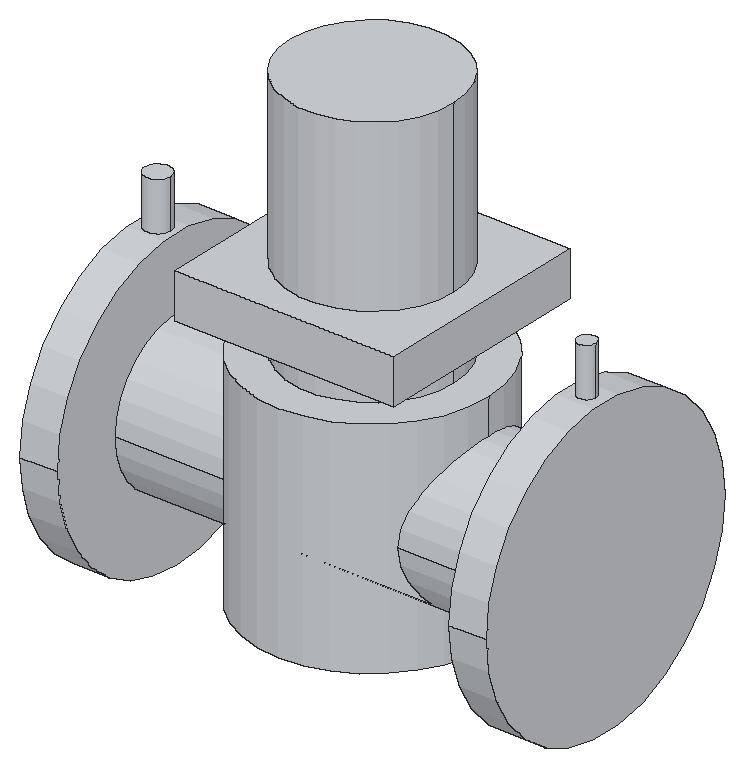
Revit family "PV_Compact_PN25_DN065_(50-200kPa)_RFA_2019", category Pipe Accessories, Revit 2019
Family settings
  Round Connector Dimension = Use Diameter
  Part Type = Valve - Breaks Into
  Work Plane-Based = No
  Always vertical = Yes
  Cut with Voids When Loaded = No
  Shared = No
Parameters (values of type "PV Compact PN25 DN065 (50-200kPa)")
  magiProductId = "3326a2f4bd724a059fd12b24a48407"
  magiProductFamilyId = "1af2f5f7761a4c5f850eea414834fa"
  magiPartTypeId = 304
  isMeasuringValve [instance] = no
  ang2D [instance] = 0.00°
  W2D = 50 mm
  VersionID = "2.0/2018.12.13.2/FRESE_PV_COMPACT_BIG_Q13_001"
  Use Minimum Symbol Size [instance] = no
  URL = "www.hydronic.cz"
  Type Comments = "PŘÍRUBOVÝ; PN25; dpmax=1000kPa; -10~+120°C"
  R4 = 50.75 mm
  R3 = 48.1 mm
  R1 = 72.5 mm
  QmdConnectorList = "301;D;302;D"
  Productdata [instance] = ""
  Manufacturer = "Hydronic Systems Prague s.r.o."
  Maintenance Zone Under Depth [instance] = 100 mm
  Maintenance Zone Right Depth [instance] = 100 mm
  Maintenance Zone Over Depth [instance] = 100 mm
  Maintenance Zone Left Depth [instance] = 100 mm
  Maintenance Zone Front Depth [instance] = 100 mm
  Maintenance Zone Back Depth [instance] = 100 mm
  Maintenance Zone Front Visibility [instance] = no
  MC Use Limits From Balancing Method = no
  MC Throttling Minimum Value = 0
  MC Throttling Maximum Value = 0
  MC Product Code = "53-3324 DN065 PN25; nastavitelný rozsah dp=20~100kPa; Q=7,4~29,7 m3/h;  kvs=42"
  MC Pressure Drop Minimum Value = 0.0 Pa
  MC Pressure Drop Maximum Value = 0.0 Pa
  MC Piping Given Pressure Drop [instance] = 0.0 Pa
  LF__ve = -LF  # -23.2 mm
  LF2 = 11.6 mm
  LF = 23.2 mm
  L4 = 136.3 mm
  L3 = 243.6 mm
  L2D_Min = 30.48 mm
  L2D = 230 mm
  L2 = 145 mm
  H6 = 105.25 mm
  H4 = 27.75 mm
  H3 = 23.125 mm
  H2 = 69.375 mm
  H1 = 138.75 mm
  Description = "Nastavitelný regulátor tlakové diference"
  DF2 = 92.5 mm
  D = 65 mm
  Clearance Zone Height Depth [instance] = 100 mm
  Clearance Zone Circular Radius [instance] = 145 mm
  Clearance Zone Visibility [instance] = no
  CAT0 = yes
Types (4, lengths in mm): name | magiProductId | R4 | R3 | R1 | MC Product Code | LF__ve | LF2 | LF | L4 | L3 | L2 | H6 | H4 | H3 | H2 | H1 | DF2 | D | Clearance Zone Circular Radius
  PV Compact PN25 DN050 (50-200kPa) | "08a421d9482846e584fc1251b4b528" | 40.25 | 42.9 | 57.5 | "53-3321 DN050 PN25; nastavitelný rozsah dp=20~100kPa; Q=5,1~20,5 m3/h;  kvs=29" | -18.4 | 9.2 | 18.4 | 108.1 | 193.2 | 115 | 82.25 | 24.75 | 20.625 | 61.875 | 123.75 | 82.5 | 50 | 115
  PV Compact PN25 DN065 (50-200kPa) | "3326a2f4bd724a059fd12b24a48407" | 50.75 | 48.1 | 72.5 | "53-3324 DN065 PN25; nastavitelný rozsah dp=20~100kPa; Q=7,4~29,7 m3/h;  kvs=42" | -23.2 | 11.6 | 23.2 | 136.3 | 243.6 | 145 | 105.25 | 27.75 | 23.125 | 69.375 | 138.75 | 92.5 | 65 | 145
  PV Compact PN25 DN080 (50-200kPa) | "aa373f4712fe4f789034ae13a1f456" | 54.25 | 52 | 77.5 | "53-3327 DN080 PN25; nastavitelný rozsah dp=20~100kPa; Q=11,7~47,4 m3/h;  kvs=67" | -24.8 | 12.4 | 24.8 | 145.7 | 260.4 | 155 | 141 | 30 | 25 | 75 | 150 | 100 | 80 | 155
  PV Compact PN25 DN100 (50-200kPa) | "7d735ad2cc7a4544b6e207f0b5dfca" | 61.25 | 61.1 | 87.5 | "53-3330 DN100 PN25; nastavitelný rozsah dp=20~100kPa; Q=20,3~81,3 m3/h;  kvs=115" | -28 | 14 | 28 | 164.5 | 294 | 175 | 234.75 | 35.25 | 29.375 | 88.125 | 176.25 | 117.5 | 100 | 175
Reference planes
  plane 1 "Center (Front/Back)": y = 0
  plane 2 "XYPLANE": z = 0
  plane 3 "Center (Left/Right)": x = 0
  plane 4 "257": y = -92.5
  plane 5 "256": y = 92.5
  plane 6 "255": z = -92.5
  plane 7 "254": y = -192.5
  plane 8 "253": y = 192.5
  plane 9 "252": x = -245
  plane 10 "251": x = 245
  plane 11 "250": z = 325.5
  plane 12 "249": z = -192.5
  plane 13 "248": z = 325.5
  plane 14 "247": z = 225.5
  plane 15 "157": x = 133.4
  plane 16 "156": x = -133.4
  plane 17 "155": z = 92.5
  plane 18 "154": z = 120.25
  plane 19 "153": z = 92.5
  plane 20 "152": z = 69.375
  plane 21 "151": x = -121.8
  plane 22 "150": z = -69.375
  plane 23 "149": x = 0
  plane 24 "148": y = 0
  plane 25 "147": z = 0
  plane 26 "146": x = -145
  plane 27 "145": x = 145
Forms (mm)
  Blend 1, solid, visible <- "Maintenance Zone Front Visibility"
    base sketch origin (-750, 0, -192.5) x (1, 0, 0) y (0, 1, 0)
      loop
        line (505, 192.5) -> (505, -192.5) -> (995, -192.5) -> (995, 192.5) -> (505, 192.5)
    top sketch origin (-750, 0, -192.5) x (1, 0, 0) y (0, 1, 0)
      loop
        line (505, 192.5) -> (505, -192.5) -> (995, -192.5) -> (995, 192.5) -> (505, 192.5)
    from 0 to 518
  Blend 2, solid, visible <- "Clearance Zone Visibility"
    base sketch origin (-750, 0, 0) x (1, 0, 0) y (0, 1, 0)
      loop
        circle (750, 0) r 145
    top sketch origin (-750, 0, 0) x (1, 0, 0) y (0, 1, 0)
      loop
        circle (750, 0) r 145
    from 0 to 325.5
  Extrusion 3, solid, visible <- "CAT0"
    sketch origin (-750, 0, 92.5) x (1, 0, 0) y (0, 1, 0)
      loop
        circle (883.4, 0) r 5.5
    from 0 to 30
  Extrusion 4, solid, visible <- "CAT0"
    sketch origin (-750, 0, 92.5) x (1, 0, 0) y (0, 1, 0)
      loop
        circle (616.6, 0) r 7.9
    from 0 to 30
  Extrusion 5, solid
    sketch origin (-750, 0, 120.25) x (1, 0, 0) y (0, 1, 0)
      loop
        circle (750, 0) r 50.75
    from 0 to 105.25 <- "H6"
  Extrusion 6, solid, visible <- "CAT0"
    sketch origin (-750, 0, 92.5) x (1, 0, 0) y (0, 1, 0)
      loop
        line (818.15, 68.15) -> (681.85, 68.15) -> (681.85, -68.15) -> (818.15, -68.15) -> (818.15, 68.15)
    from 0 to 27.75 <- "H4"
  Extrusion 7, solid, visible <- "CAT0"
    sketch origin (-750, 0, 69.375) x (1, 0, 0) y (0, 1, 0)
      loop
        circle (750, 0) r 50.75
    from 0 to 23.125 <- "H3"
  Extrusion 8, solid, visible <- "CAT0"
    sketch origin (-121.8, -750, 0) x (0, 1, 0) y (0, 0, 1)
      loop
        circle (750, 0) r 48.1
    from 0 to 243.6 <- "L3"
  Extrusion 9, solid, visible <- "CAT0"
    sketch origin (-750, 0, -69.375) x (1, 0, 0) y (0, 1, 0)
      loop
        circle (750, 0) r 72.5
    from 0 to 138.75 <- "H1"
  Extrusion 10, solid, visible <- "CAT0"
    sketch origin (-145, -750, 0) x (0, 1, 0) y (0, 0, 1)
      loop
        circle (750, 0) r 92.5
    from 0 to 23.2 <- "LF"
  Extrusion 11, solid, visible <- "CAT0"
    sketch origin (145, -750, 0) x (0, 1, 0) y (0, 0, 1)
      loop
        circle (750, 0) r 92.5
    from 0 to -23.2 <- "LF__ve"
  Extrusion 12, solid, not visible
    sketch origin (-145, -750, 0) x (0, 1, 0) y (0, 0, 1)
      loop
        circle (750, 0) r 10
    from 0 to 10
  Extrusion 13, solid, not visible
    sketch origin (145, -750, 0) x (0, 1, 0) y (0, 0, 1)
      loop
        circle (750, 0) r 10
    from 0 to -10
Lines and regions (mm)
  reference lines, not visible
    curve 1: circle (2, 2, 0) r 1 normal (0, 0, 1)
  reference lines
    curve 2: circle (0, 0, 92.5) r 1 normal (0, 0, 1)
Dimensions and locks
  plane 1 "Center (Front/Back)" to curve 1 = 2 mm
  "DF2": plane 24 "148" to plane 4 "257"
  "DF2": plane 24 "148" to plane 5 "256"
  "DF2": plane 25 "147" to plane 6 "255"
  "Maintenance Zone Front Depth": plane 4 "257" to plane 7 "254"
  "Maintenance Zone Back Depth": plane 5 "256" to plane 8 "253"
  "Maintenance Zone Left Depth": plane 26 "146" to plane 9 "252"
  "Maintenance Zone Right Depth": plane 27 "145" to plane 10 "251"
  "Maintenance Zone Over Depth": plane 14 "247" to plane 11 "250"
  "Maintenance Zone Under Depth": plane 6 "255" to plane 12 "249"
  "Clearance Zone Height Depth": plane 14 "247" to plane 13 "248"
  "H6": plane 18 "154" to plane 14 "247"
  "LF2": plane 27 "145" to plane 15 "157"
  "LF2": plane 26 "146" to plane 16 "156"
  "DF2": plane 2 "XYPLANE" to plane 17 "155"
  "H4": plane 19 "153" to plane 18 "154"
  "H3": plane 20 "152" to plane 19 "153"
  "H1": plane 22 "150" to plane 20 "152"
  "LF": plane 26 "146" to plane 21 "151"
  "H2": plane 2 "XYPLANE" to plane 22 "150"
  locked: plane 3 "Center (Left/Right)" to plane 23 "149"
  locked: plane 1 "Center (Front/Back)" to plane 24 "148"
  locked: plane 2 "XYPLANE" to plane 25 "147"
  "L2": plane 3 "Center (Left/Right)" to plane 26 "146"
  "L2": plane 3 "Center (Left/Right)" to plane 27 "145"
  Blend 1 sketch curve to Blend 1 sketch curve = 0 mm  (x16)
  equal spacing: Extrusion 6 sketch curve, curve 2, Extrusion 6 sketch curve  (x2)
  "L4": Extrusion 6 sketch curve to Extrusion 6 sketch curve  (x2)
  Extrusion 6 sketch curve to Extrusion 6 sketch curve = 0 mm  (x8)
  "Clearance Zone Circular Radius": radius of Blend 2 sketch curve  (x2)
  "R4": radius of Extrusion 5 sketch curve
  "R4": radius of Extrusion 7 sketch curve
  "R3": radius of Extrusion 8 sketch curve
  "R1": radius of Extrusion 9 sketch curve
  "DF2": radius of Extrusion 10 sketch curve
  "DF2": radius of Extrusion 11 sketch curve
  aligned and locked: level to plane 2 "XYPLANE"
  aligned and locked: Blend 1 sketch curve to plane 8 "253"  (x2)
  aligned and locked: plane 9 "252" to Blend 1 sketch curve  (x4)
  aligned and locked: plane 10 "251" to Blend 1 sketch curve  (x4)
  aligned and locked: plane 8 "253" to Blend 1 sketch curve  (x2)
  aligned and locked: plane 7 "254" to Blend 1 sketch curve  (x4)
  aligned and locked: plane 11 "250" to Blend 1
  aligned and locked: plane 23 "149" to Blend 2 sketch curve  (x2)
  aligned and locked: plane 24 "148" to Blend 2 sketch curve  (x2)
  aligned and locked: plane 13 "248" to Blend 2
  aligned and locked: plane 15 "157" to Extrusion 3 sketch curve
  aligned and locked: plane 24 "148" to Extrusion 3 sketch curve
  aligned and locked: plane 16 "156" to Extrusion 4 sketch curve
  aligned and locked: plane 24 "148" to Extrusion 4 sketch curve
  aligned and locked: plane 23 "149" to Extrusion 5 sketch curve
  aligned and locked: plane 24 "148" to Extrusion 5 sketch curve
  aligned and locked: plane 23 "149" to curve 2
  aligned and locked: plane 24 "148" to curve 2
  aligned and locked: plane 23 "149" to Extrusion 7 sketch curve
  aligned and locked: plane 24 "148" to Extrusion 7 sketch curve
  aligned and locked: Extrusion 8 sketch curve to plane 24 "148"
  aligned and locked: plane 25 "147" to Extrusion 8 sketch curve
  aligned and locked: plane 23 "149" to Extrusion 9 sketch curve
  aligned and locked: plane 24 "148" to Extrusion 9 sketch curve
  aligned and locked: Extrusion 10 sketch curve to plane 24 "148"
  aligned and locked: plane 25 "147" to Extrusion 10 sketch curve
  aligned and locked: Extrusion 11 sketch curve to plane 24 "148"
  aligned and locked: plane 25 "147" to Extrusion 11 sketch curve
  aligned and locked: Extrusion 12 sketch curve to plane 24 "148"
  aligned and locked: plane 25 "147" to Extrusion 12 sketch curve
  aligned and locked: Extrusion 13 sketch curve to plane 24 "148"
  aligned and locked: plane 25 "147" to Extrusion 13 sketch curve
Automatic sketch dimensions
  Extrusion 3 sketch curve to plane 15 "157" = 5.5 mm
  plane 26 "146" to Extrusion 4 sketch curve = 3.7 mm
  plane 1 "Center (Front/Back)" to Extrusion 12 sketch curve = 10 mm
  plane 1 "Center (Front/Back)" to Extrusion 13 sketch curve = 10 mm
  plane 3 "Center (Left/Right)" to curve 1 = 2 mm
  Extrusion 6 sketch curve to plane 5 "256" = 24.35 mm
  plane 21 "151" to Extrusion 6 sketch curve = 53.65 mm
  radius of curve 2 = 1 mm
  radius of curve 1 = 1 mm
Connectors
  piping at (-145, 0, 0), diameter 65, driven by "D"
    settings: on Extrusion 12, index 1, connector inside diameter 609.6 mm, connector length 0 mm, flow factor 0, pipe flow 0.0 L/s, pressure drop 0.0 Pa, fitting loss kfactor 0, connector angle 0.00°, fixture units 0, engagement length 0 mm, angle of deflection 0.00°, flow configuration 0, flow direction 0, fitting loss method 0, system type 29, joint type 0, gender type 0, connector reference index 2, connector utility 0, adjustable connector no, is connector primary yes, connector description ""
  piping at (145, 0, 0), diameter 65, driven by "D"
    settings: on Extrusion 13, index 2, connector inside diameter 609.6 mm, connector length 0 mm, flow factor 0, pipe flow 0.0 L/s, pressure drop 0.0 Pa, fitting loss kfactor 0, connector angle 0.00°, fixture units 0, engagement length 0 mm, angle of deflection 0.00°, flow configuration 0, flow direction 0, fitting loss method 0, system type 29, joint type 0, gender type 0, connector reference index 1, connector utility 0, adjustable connector no, is connector primary no, connector description ""
